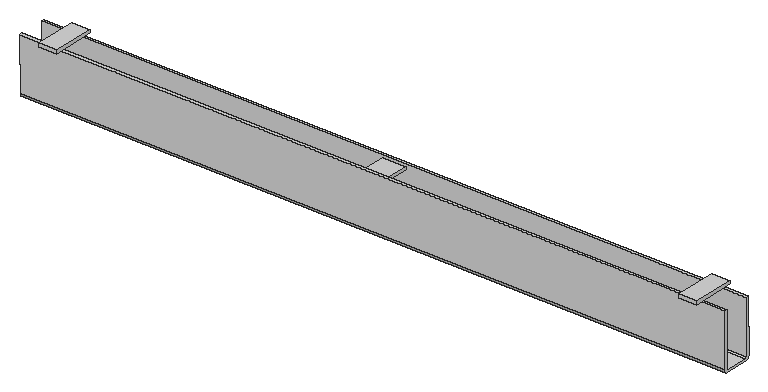
Revit family "LGW_COMPENSATION TUBE LGW 1,2_1923153", category Generic Models, Revit 2018
Family settings
  Can host rebar = No
  Round Connector Dimension = Use Diameter
  Part Type = Normal
  OmniClass Number = 35.51.14.00
  OmniClass Title = FORMWORK
  Work Plane-Based = Yes
  Always vertical = No
  Cut with Voids When Loaded = No
  Shared = Yes
  Room Calculation Point = No
Parameters
  VERSION = "20190101"  # constant formula
  URL = "www.ulmaconstruction.com/en"
  UNICLASS = ""
  ITEM_CODE = "1923153"
  Manufacturer = "ULMA CONSTRUCTION"  # constant formula
  FILTER [instance] = ""
  Default Elevation = 0.000 mm
  CLASSIFICATION_TITLE = ""
  CLASSIFICATION_NUMBER = ""
Reference planes
  plane 1 "Centro (Frontal/Posterior)": y = 0
  plane 2: z = 0
  plane 3 "Centro (Izquierda/Derecha)": x = 0
  plane 4 "ITEM_HEIGHT": x = 1200
  plane 5 "MIDDLE": y = -25
  plane 6 "HOLE 1": x = 300
  plane 7 "HOLE 2": x = 900
Forms (mm)
  Extrusion 1, solid, material "ULMA ZINC"
    sketch origin (0, 0, 0) x (0, 1, 0) y (0, 0, 1)
      loop
        line (-50, 0) -> (-50, -90.5)
        arc (-50, -90.5) -> (-48.243, -94.743) -> (-44, -96.5) r 6
        line (-44, -96.5) -> (-6, -96.5)
        arc (-6, -96.5) -> (-1.757, -94.743) -> (0, -90.5) r 6
        line (0, -90.5) -> (0, 0) -> (-4, 0) -> (-4, -90.5)
        arc (-4, -90.5) -> (-4.586, -91.914) -> (-6, -92.5) r 2
        line (-6, -92.5) -> (-44, -92.5)
        arc (-44, -92.5) -> (-45.414, -91.914) -> (-46, -90.5) r 2
        line (-46, -90.5) -> (-46, 0) -> (-50, 0)
    from 0 to 1200
  Extrusion 2, solid, material "ULMA ZINC"
    sketch origin (0, 0, 0) x (0, 1, 0) y (0, 0, 1)
      loop
        line (-60, 0) -> (10, 0) -> (10, 5) -> (-60, 5) -> (-60, 0)
    from 40 to 70
  Extrusion 3, solid, material "ULMA ZINC", detail levels fine
    sketch origin (0, 0, 0) x (0, 1, 0) y (0, 0, 1)
      loop
        line (-46, -9) -> (-4, -9) -> (-4, -4) -> (-46, -4) -> (-46, -9)
    from 580 to 620
  Extrusion 4, solid, material "ULMA ZINC"
    sketch origin (760, 0, 0) x (0, 1, 0) y (0, 0, 1)
      loop
        line (-60, 0) -> (10, 0) -> (10, 5) -> (-60, 5) -> (-60, 0)
    from 370 to 400
Lines and regions (mm)
  model lines, style "ULMA PANELS", detail levels fine
    curve 1: circle (300, -25, -96.5) r 12.5 normal (0, 0, 1)
    curve 2: circle (900, -25, -96.5) r 12.5 normal (0, 0, 1)
    curve 3: circle (300, -25, -92.5) r 12.5 normal (0, 0, 1)
    curve 4: circle (900, -25, -92.5) r 12.5 normal (0, 0, 1)
Dimensions and locks
  locked: plane 3 "Centro (Izquierda/Derecha)" to plane 4 "ITEM_HEIGHT" at 1200
  aligned and locked: level to plane 2
  aligned and locked: plane 4 "ITEM_HEIGHT" to Extrusion 1
